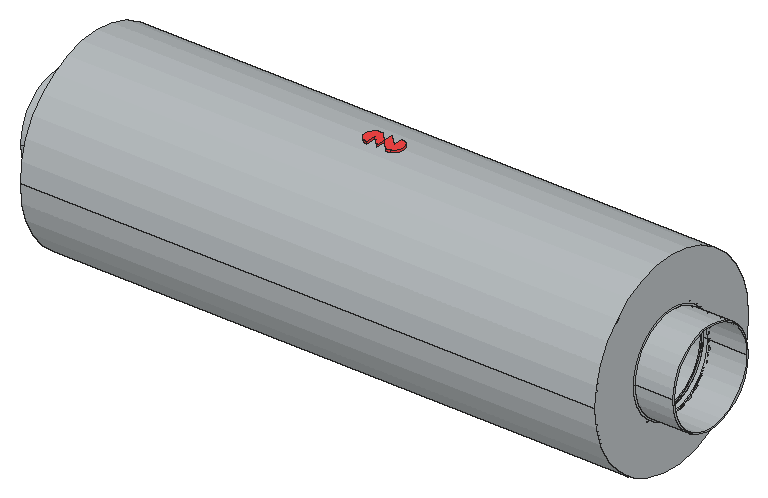
Revit family "NLRS_57_DUA_UN_round-attenuator-agr-v_LT_sacsr", category Duct Accessories, Revit 2022
Family settings
  Round Connector Dimension = Use Diameter
  Part Type = Breaks Into
  Work Plane-Based = No
  Always vertical = Yes
  Cut with Voids When Loaded = No
  Shared = No
Parameters (values of type "AGRYVO")
  VELU_Offset1 [instance] = size_lookup(SACS_Data_Hidden, "Insteek", 35 mm, SACS_Base_Index * 1 mm, SACS_Diameter3, SACS_Length_STD)  # 40 mm
  VELU_Model_Diameter2 [instance] = (VELU_Model_Diameter - 2 mm) * SACS_Dummy  # 96 mm
  VELU_Model_Diameter [instance] = (SACS_Diameter3 - 2 mm) * SACS_Dummy  # 98 mm
  VELU_Connector_Ril [instance] = size_lookup(SACS_Data_Hidden, "Ril", 8 mm, SACS_Base_Index * 1 mm, SACS_Diameter3)  # 8 mm
  URL = "https://solid-air.nl/producten/solid-air-geluiddemper-agry-agrz/"
  SACS_Warning_Text_Size [instance] = if(SACS_Warning_Size, "Unsupported diameter and/or non-standard length. Values updated!", " ")  # " "
  SACS_Warning_Text_Other [instance] = if(SACS_Warning_Other, "Non-standard length used!", " ")  # " "
  SACS_Warning_Size [instance] = not(and(or(and(SACS_Option_5_Value = 1, SACS_Length_STD = 600 mm), and(SACS_Option_5_Value = 2, SACS_Length_STD = 900 mm), and(SACS_Option_5_Value = 3, SACS_Length_STD = 1200 mm)), SACS_Diameter3 = Diameter))  # no
  SACS_Warning_Sign [instance] = and(SACS_Warning_Size, not(SACS_Disable_Warning))  # no
  SACS_Warning_Other [instance] = and(Allow_Non_Standard_Length, not(SACS_Length_STD = SACS_Length_X + SACS_Length_Y + SACS_Length_Z))  # no
  SACS_Type_Mark [instance] = ""
  SACS_Show_Part_2 [instance] = SACS_Base_Index = 3  # no
  SACS_Price_Date [instance] = size_lookup(SACS_Data_Hidden, "Date", "NB", SACS_Base_Index * 1 mm, SACS_Diameter3, SACS_Length_STD)  # "01-04-2025"
  SACS_Option_5_Value [instance] = if([Attenuator Length (1-3)] < 2, 1, if([Attenuator Length (1-3)] > 2, 3, 2))  # 1
  SACS_Option_5 [instance] = if(SACS_Length_STD = 600 mm, "Length = 600", if(SACS_Length_STD = 900 mm, "Length = 900", "Length = 1200"))  # "Length = 600"
  SACS_Option_4 [instance] = if(SACS_Base_Index = 3, "K = With core", "O = No core")  # "O = No core"
  SACS_Option_3 [instance] = "V = Rigid outer jacket"  # constant formula
  SACS_Option_2 [instance] = if(SACS_Base_Index = 1, "Y = Insulation 50mm", "Z = Insulatain 100mm")  # "Y = Insulation 50mm"
  SACS_Model [instance] = size_lookup(SACS_Data_Hidden, "", "NB", SACS_Base_Index * 1 mm, SACS_Diameter3, SACS_Length_STD)  # "AGRYVO 2.0 100 600"
  SACS_Length_Z [instance] = if(SACS_Base_Index = 3, if(SACS_Option_5_Value < 3, 900 mm, 1200 mm), 0 mm)  # 0 mm
  SACS_Length_Y [instance] = if(SACS_Base_Index = 2, if(and(or(Diameter = 100 mm, Diameter > 315 mm), SACS_Option_5_Value = 1), 900 mm, if(SACS_Option_5_Value = 1, 600 mm, if(SACS_Option_5_Value = 2, 900 mm, 1200 mm))), 0 mm)  # 0 mm
  SACS_Length_X [instance] = if(SACS_Base_Index = 1, if(and(Diameter > 80 mm, SACS_Option_5_Value = 2), 900 mm, if(and(Diameter > 160 mm, Diameter < 400 mm, SACS_Option_5_Value = 3), 1200 mm, if(and(Diameter < 400 mm, SACS_Option_5_Value = 1), 600 mm, if(Diameter = 80 mm, 600 mm, 900 mm)))), 0 mm)  # 600 mm
  SACS_Length_STD [instance] = if(Allow_Non_Standard_Length, if(SACS_Option_5_Value = 1, 600 mm, if(SACS_Option_5_Value = 2, 900 mm, 1200 mm)), SACS_Length_X + SACS_Length_Y + SACS_Length_Z)  # 600 mm
  SACS_Gross_Cost [instance] = size_lookup(SACS_Data_Hidden, "Product_Cost", 0, SACS_Base_Index * 1 mm, SACS_Diameter3, SACS_Length_STD)  # 96
  SACS_Disable_Warning [instance] = no
  SACS_Diameter3 [instance] = if(and(SACS_Base_Index = 2, SACS_Diameter2 = 80 mm), 100 mm, if(and(SACS_Base_Index = 3, SACS_Diameter2 < 315 mm), 315 mm, SACS_Diameter2))  # 100 mm
  SACS_Diameter2 [instance] = if(Diameter < 100 mm, 80 mm, if(Diameter < 125 mm, 100 mm, if(Diameter < 160 mm, 125 mm, if(Diameter < 200 mm, 160 mm, if(Diameter < 250 mm, 200 mm, if(Diameter < 315 mm, 250 mm, if(Diameter < 400 mm, 315 mm, if(Diameter < 500 mm, 400 mm, if(Diameter < 630 mm, 500 mm, 630 mm)))))))))  # 100 mm
  built-in parameter 1114242 [instance] = (empty or 0)
  Type Comments = ""
  SACS_Option_1 [instance] = "AGR"  # constant formula
  SACS_Logo_Z [instance] = External_Diameter_Double_Wall / 2  # 100 mm
  SACS_Dummy = 1  # constant formula
  SACS_Data_Hidden = "AGR"  # constant formula
  SACS_Base_Index = 1
  SA-Select [instance] = "https://solid-air.nl/producten/solid-air-geluiddemper-agry-agrz/"
  NLRS_C_gtin_code [instance] = size_lookup(SACS_Data_Hidden, "GTIN", "NB", SACS_Base_Index * 1 mm, SACS_Diameter3, SACS_Length_STD)  # "8720238142694"
  NLRS_C_artikel_code [instance] = size_lookup(SACS_Data_Hidden, "Artikelcode", "NB", SACS_Base_Index * 1 mm, SACS_Diameter3, SACS_Length_STD)  # "9350000171"
  Diameter [instance] = 100 mm
  NLRS_M_c01_diameter [instance] = SACS_Diameter3  # 100 mm
  NLRS_M_c01_debiet [instance] = 0.0 m³/h
  NLRS_C_lengte [instance] = SACS_Length_STD  # 600 mm
  NLRS_C_model [instance] = SACS_Model  # "AGRYVO 2.0 100 600"
  NLRS_C_description = Description  # "Round sound attenuator"
  NLRS_C_content_versie = "Versie 3.22.01"  # constant formula
  NLRS_C_content_provider = "Solid Air Climate Systems"  # constant formula
  NLRS_C_content_datum_uitgifte = "01-08-2025"  # constant formula
  NLRS_C_content_creator = "J. Feeke"  # constant formula
  Model = "Round attenuator"  # constant formula
  Manufacturer = "Solid Air Climate Solutions"  # constant formula
  Description = "Round sound attenuator"  # constant formula
  External_Diameter_Double_Wall [instance] = size_lookup(SACS_Data_Hidden, "Buitendiameter", if(SACS_Base_Index = 1, Diameter + 100 mm, Diameter + 200 mm), SACS_Base_Index * 1 mm, SACS_Diameter3, SACS_Length_STD)  # 200 mm
  Default Elevation = 2700 mm
  Attenuator Length (1-3) [instance] = 1
  Assembly Code = "57.70"
  Allow_Non_Standard_Length [instance] = no
Types (4, lengths in mm): name | VELU_Model_Diameter2 | VELU_Model_Diameter | SACS_Show_Part_2 | SACS_Option_5_Value | SACS_Option_5 | SACS_Option_4 | SACS_Option_2 | SACS_Model | SACS_Length_Z | SACS_Length_Y | SACS_Length_X | SACS_Length_STD | SACS_Gross_Cost | SACS_Diameter3 | SACS_Diameter2 | SACS_Logo_Z | SACS_Base_Index | NLRS_C_gtin_code | NLRS_C_artikel_code | Diameter | NLRS_M_c01_diameter | NLRS_C_lengte | NLRS_C_model | External_Diameter_Double_Wall | Attenuator Length (1-3)
  (no name) | 96 | 98 | no | 1 | "Length = 600" | "O = No core" | "Y = Insulation 50mm" | "AGRYVO 2.0 100 600" | 0 | 0 | 600 | 600 | 96 | 100 | 100 | 100 | 1 | "8720238142694" | "9350000171" | 100 | 100 | 600 | "AGRYVO 2.0 100 600" | 200 | 1
  AGRYVO | 96 | 98 | no | 1 | "Length = 600" | "O = No core" | "Y = Insulation 50mm" | "AGRYVO 2.0 100 600" | 0 | 0 | 600 | 600 | 96 | 100 | 100 | 100 | 1 | "8720238142694" | "9350000171" | 100 | 100 | 600 | "AGRYVO 2.0 100 600" | 200 | 1
  AGRZVO | 96 | 98 | no | 2 | "Length = 900" | "O = No core" | "Z = Insulatain 100mm" | "AGRZVO 100 900" | 0 | 900 | 0 | 900 | 171 | 100 | 100 | 150 | 2 | "8720238092098" | "9350000141" | 100 | 100 | 900 | "AGRZVO 100 900" | 300 | 2
  AGRZVK | 311 | 313 | yes | 2 | "Length = 900" | "K = With core" | "Z = Insulatain 100mm" | "AGRZVK 315 900" | 900 | 0 | 0 | 900 | 467 | 315 | 315 | 250 | 3 | "8720238091275" | "9350000059" | 315 | 315 | 900 | "AGRZVK 315 900" | 500 | 2
Reference planes
  plane 1 "Center (Front/Back)": y = 0
  plane 2: z = 0
  plane 3 "Center (Left/Right)": x = 0
  plane 4 "L_In": x = -600
  plane 5: x = -592
  plane 6: x = -8
Forms (mm)
  Extrusion 1, solid, not visible
    sketch origin (0, 0, 0) x (0, 1, 0) y (0, 0, 1)
      loop
        circle (0, 0) r 5
    from -600 to 0
  Extrusion 2, solid, material "NLRS_57_sendzimir verzinkt_gen_sacs", detail levels fine
    sketch origin (-600, 0, 0) x (0, 1, 0) y (0, 0, 1)
      loop
        circle (0, 0) r 49
      loop
        circle (0, 0) r 100
    from 0 to 600
  Extrusion 3, solid, material "NLRS_57_sendzimir verzinkt_gen_sacs", detail levels fine
    sketch origin (-600, 0, 0) x (0, 1, 0) y (0, 0, 1)
      loop
        circle (0, 0) r 49
      loop
        circle (0, 0) r 48
    from 8 to 592
  Sweep 4, solid, material "NLRS_57_sendzimir verzinkt_gen_sacs", detail levels fine
    path in 3D
      loop
        arc (-8, 49, 0) -> (-8, 0, -49) -> (-8, -49, 0) r 49
        arc (-8, -49, 0) -> (-8, 0, 49) -> (-8, 49, 0) r 49
    profile "Insertion_Profile : Insertion_Profile" origin (-8, 0, 49) x (0, 0, 1) y (1, 0, 0)
      loop
        line (-1, 48.5) -> (-1, 7.5) -> (0, 7.5)
        arc (0, 7.5) -> (3, 4.5) -> (0, 1.5) r 3
        line (0, 1.5) -> (-1, 1.5) -> (-1, 0.5) -> (0, 0.5)
        arc (0, 0.5) -> (4, 4.5) -> (0, 8.5) r 4
        line (0, 8.5) -> (0, 48.5) -> (-1, 48.5)
  Sweep 5, solid, material "NLRS_57_sendzimir verzinkt_gen_sacs", detail levels fine
    path in 3D
      loop
        arc (-592, -49, 0) -> (-592, 0, -49) -> (-592, 49, 0) r 49
        arc (-592, 49, 0) -> (-592, 0, 49) -> (-592, -49, 0) r 49
    profile "Insertion_Profile : Insertion_Profile" origin (-592, 0, 49) x (0, 0, 1) y (-1, 0, 0)
      loop
        line (-1, 48.5) -> (-1, 7.5) -> (0, 7.5)
        arc (0, 7.5) -> (3, 4.5) -> (0, 1.5) r 3
        line (0, 1.5) -> (-1, 1.5) -> (-1, 0.5) -> (0, 0.5)
        arc (0, 0.5) -> (4, 4.5) -> (0, 8.5) r 4
        line (0, 8.5) -> (0, 48.5) -> (-1, 48.5)
Lines and regions (mm)
  model lines, detail levels medium
    curve 1: line (-640, 50, 0) -> (-600, 50, 0)
    curve 2: line (-640, -50, 0) -> (-640, 50, 0)
    curve 3: line (40, -50, 0) -> (0, -50, 0)
    curve 4: line (40, 50, 0) -> (40, -50, 0)
    curve 5: line (0, 50, 0) -> (40, 50, 0)
    curve 6: line (-600, -50, 0) -> (-640, -50, 0)
  sketch lines
    curve 7: arc (-8, -49, 0) -> (-8, 0, 49) -> (-8, 49, 0) r 49
    curve 8: arc (-8, 49, 0) -> (-8, 0, -49) -> (-8, -49, 0) r 49
    curve 9: arc (-592, 49, 0) -> (-592, 0, 49) -> (-592, -49, 0) r 49
    curve 10: arc (-592, -49, 0) -> (-592, 0, -49) -> (-592, 49, 0) r 49
Dimensions and locks
  equal spacing: curve 6, plane 1 "Center (Front/Back)", curve 1
  "SACS_Diameter3": curve 6 to curve 1
  "SACS_Length_STD": plane 4 "L_In" to plane 3 "Center (Left/Right)"
  "VELU_Connector_Ril": plane 4 "L_In" to plane 5
  "VELU_Connector_Ril": plane 6 to plane 3 "Center (Left/Right)"
  "VELU_Offset1": curve 2 to plane 4 "L_In"
  "VELU_Offset1": plane 3 "Center (Left/Right)" to curve 4
  equal spacing: plane 5, nested 1, plane 6
  equal spacing: plane 5, nested 3, plane 6
  equal spacing: curve 3, plane 1 "Center (Front/Back)", curve 5
  "SACS_Diameter3": curve 3 to curve 5
  diameter of Extrusion 1 sketch curve = 10 mm
  "VELU_Model_Diameter": diameter of Extrusion 2 sketch curve
  "External_Diameter_Double_Wall": diameter of Extrusion 2 sketch curve
  "VELU_Model_Diameter2": diameter of Extrusion 3 sketch curve
  "VELU_Model_Diameter": diameter of Extrusion 3 sketch curve
  aligned and locked: level to plane 2
  aligned and locked: Extrusion 1 to plane 4 "L_In"
  aligned and locked: plane 3 "Center (Left/Right)" to Extrusion 1
  aligned and locked: plane 3 "Center (Left/Right)" to curve 5
  aligned and locked: Extrusion 3 to plane 5
  aligned and locked: plane 6 to Extrusion 3
  aligned and locked: Extrusion 2 to plane 4 "L_In"
  aligned and locked: plane 3 "Center (Left/Right)" to Extrusion 2
  aligned and locked: plane 1 "Center (Front/Back)" to nested 3
  aligned and locked: nested 4 to plane 2
  aligned and locked: plane 3 "Center (Left/Right)" to nested 4
Automatic sketch dimensions
  Extrusion 1 sketch curve to level = 0 mm
  Extrusion 1 sketch curve to plane 1 "Center (Front/Back)" = 0 mm
  curve 1 to plane 4 "L_In" = 0 mm
  curve 6 to plane 4 "L_In" = 0 mm
  curve 3 to plane 3 "Center (Left/Right)" = 0 mm
  Extrusion 2 sketch curve to Extrusion 2 sketch curve = 0 mm  (x2)
  Extrusion 2 sketch curve to level = 0 mm
  Extrusion 2 sketch curve to plane 1 "Center (Front/Back)" = 0 mm
  Extrusion 3 sketch curve to Extrusion 3 sketch curve = 0 mm  (x2)
  Extrusion 3 sketch curve to level = 0 mm
  Extrusion 3 sketch curve to plane 1 "Center (Front/Back)" = 0 mm
Nested families
  nested 1: "logo_SACS" at (-300, 0, 100), built-in parameter 1001364 <- "SACS_Logo_Z", built-in parameter 1001360 <- "SACS_Logo_Z", type "logo_SACS", detail levels medium+fine
    with Scale 10 mm
  nested 2: "Symbol" at (0, 0, 0), type "Symbol", detail levels coarse+medium
    with Uitwendig 200 mm, Lengte 600 mm, Inwendig 100 mm
  nested 3: "Warning_R22" at (-300, 0, 0), visible <- "SACS_Warning_Sign", type "Warning_R22"
  nested 4: "Symbol" at (0, 0, 0) x (1, 0, 0) z (0, -1, 0), type "Symbol"
    with Uitwendig 200 mm, Lengte 600 mm, Inwendig 100 mm
Connectors
  hvac at (0, 0, 0), driven by "NLRS_M_c01_diameter", driven by "NLRS_M_c01_debiet"
    settings: on Extrusion 1, index 1, duct flow 0.0 m³/h, flow factor 0, pres drop 0.0 Pa, loss coef 0, conn angle 0.00°, conn width 304.8 mm, conn height 304.8 mm, conn diameter 100 mm, duct sys type 29, conn prof type 0, flow config 0, flow direction 0, loss method 0, conn ref index 2, conn util no, is conn primary no, conn desc ""
  hvac at (-600, 0, 0), driven by "NLRS_M_c01_diameter", driven by "NLRS_M_c01_debiet"
    settings: on Extrusion 1, index 2, duct flow 0.0 m³/h, flow factor 0, pres drop 0.0 Pa, loss coef 0, conn angle 0.00°, conn width 304.8 mm, conn height 304.8 mm, conn diameter 100 mm, duct sys type 29, conn prof type 0, flow config 0, flow direction 0, loss method 0, conn ref index 1, conn util no, is conn primary yes, conn desc ""
Definition of nested family "logo_SACS"
  Parameters (values of type "logo_SACS")
    Scale = 5 mm
    Model = "LOD 400"
    Height = 1.5 mm
    Description = "Model type"
    Default Elevation = 1219.2 mm
  Reference planes
    plane 1 "Center (Front/Back)": y = 0
    plane 2: z = 0
    plane 3 "Center (Left/Right)": x = 0
    plane 4: z = 1.5
    plane 5: x = -10
    plane 6: y = -5
    plane 7: y = 5
    plane 8: x = -5
    plane 9: x = 5
    plane 10: x = 10
  Forms (mm)
    Extrusion 1, solid
      sketch origin (-547.644, -297.937, 0) x (1, 0, 0) y (0, 1, 0)
        loop
          arc (542.644, 302.937) -> (537.644, 297.937) -> (542.644, 292.937) r 5
          line (542.644, 292.937) -> (542.644, 297.937) -> (547.644, 292.937) -> (547.644, 297.937) -> (542.644, 302.937)
      from 0 to 1.5
    Extrusion 2, solid
      sketch origin (0, 0, 0) x (1, 0, 0) y (0, 1, 0)
        loop
          arc (5, -5) -> (10, 0) -> (5, 5) r 5
          line (5, 5) -> (5, 0) -> (0, 5) -> (0, 0) -> (5, -5)
      from 0 to 1.5
  Dimensions and locks
    "Scale": plane 7 to plane 1 "Center (Front/Back)"
    "Scale": plane 6 to plane 1 "Center (Front/Back)"
    "Scale": plane 5 to plane 8
    "Scale": plane 8 to plane 3 "Center (Left/Right)"
    "Scale": plane 3 "Center (Left/Right)" to plane 9
    "Scale": plane 9 to plane 10
    "Height": plane 4 to level
    aligned and locked: level to plane 2
    aligned and locked: plane 4 to Extrusion 1
    aligned and locked: plane 4 to Extrusion 2
  Automatic sketch dimensions
    plane 1 "Center (Front/Back)" to Extrusion 1 sketch curve = 0 mm  (x3)
    Extrusion 1 sketch curve to plane 8 = 0 mm
    Extrusion 1 sketch curve to plane 7 = 0 mm
    Extrusion 1 sketch curve to plane 3 "Center (Left/Right)" = 0 mm
    Extrusion 1 sketch curve to plane 6 = 0 mm
    Extrusion 2 sketch curve to plane 3 "Center (Left/Right)" = 0 mm
    plane 1 "Center (Front/Back)" to Extrusion 2 sketch curve = 0 mm  (x3)
    Extrusion 2 sketch curve to plane 6 = 0 mm
    Extrusion 2 sketch curve to plane 9 = 0 mm
    Extrusion 2 sketch curve to plane 7 = 0 mm
Definition of nested family "Symbol"
  Parameters (values of type "Symbol")
    Uitwendig = 620.623 mm
    Steek = 40 mm
    Lengte = 906.363 mm
    Inwendig = 226.254 mm
  Reference planes
    plane 1 "Center (Front/Back)": y = 0
    plane 2: z = 0
    plane 3 "Center (Left/Right)": x = 0
    plane 4: x = -906.363
    plane 5: x = -946.363
    plane 6: x = 40
  Lines and regions (mm)
    Filled region 1, type "SACS_Attenuator_Insulation", in view "Ref. Level", detail levels coarse+medium
      outline origin (0, 0, 0) x (1, 0, 0) y (0, 1, 0)
        loop
          line (-906.363, 310.311) -> (-906.363, 113.127) -> (0, 113.127) -> (0, 310.311) -> (-906.363, 310.311)
        loop
          line (-906.363, -113.127) -> (-906.363, -310.311) -> (0, -310.311) -> (0, -113.127) -> (-906.363, -113.127)
    detail lines, in view "Ref. Level", detail levels coarse+medium
      curve 1: line (-906.363, 0, 0) -> (0, 0, 0)
    detail lines, in view "Ref. Level", detail levels medium
      curve 2: line (-946.363, 113.127, 0) -> (-906.363, 113.127, 0)
      curve 3: line (-946.363, -113.127, 0) -> (-946.363, 113.127, 0)
      curve 4: line (-906.363, -113.127, 0) -> (-946.363, -113.127, 0)
      curve 5: line (-906.363, 113.127, 0) -> (-906.363, -113.127, 0)
      curve 6: line (40, 113.127, 0) -> (0, 113.127, 0)
      curve 7: line (40, -113.127, 0) -> (40, 113.127, 0)
      curve 8: line (0, -113.127, 0) -> (40, -113.127, 0)
      curve 9: line (0, 113.127, 0) -> (0, -113.127, 0)
  Dimensions and locks
    equal spacing: Filled region 1 sketch curve, plane 1 "Center (Front/Back)", Filled region 1 sketch curve  (x2)
    "Inwendig": Filled region 1 sketch curve to Filled region 1 sketch curve
    "Uitwendig": Filled region 1 sketch curve to Filled region 1 sketch curve
    "Lengte": plane 4 to plane 3 "Center (Left/Right)"
    "Steek": plane 5 to plane 4
    "Steek": plane 3 "Center (Left/Right)" to plane 6
    equal spacing: curve 4, plane 1 "Center (Front/Back)", curve 2
    equal spacing: curve 6, plane 1 "Center (Front/Back)", curve 8
    "Inwendig": curve 4 to curve 2
    "Inwendig": curve 6 to curve 8
    aligned and locked: curve 5 to plane 4
    aligned and locked: plane 5 to curve 3
    aligned and locked: curve 9 to plane 3 "Center (Left/Right)"
    aligned and locked: plane 6 to curve 7
  Automatic sketch dimensions
    plane 1 "Center (Front/Back)" to curve 1 = 0 mm
    Filled region 1 sketch curve to plane 4 = 0 mm  (x2)
    Filled region 1 sketch curve to plane 3 "Center (Left/Right)" = 0 mm  (x2)
Definition of nested family "Warning_R22"
  Parameters (values of type "Warning_R22")
    TW = 51.6 mm * Scale  # 51.6 mm
    TH = 75 mm * Scale  # 75 mm
    Scale = 1
    CO = 50 mm * Scale  # 50 mm
    CD = 50 mm * Scale  # 50 mm
    BW = 40 mm * Scale  # 40 mm
    BH = 12 mm * Scale  # 12 mm
  Reference planes
    plane 1 "Center (Front/Back)": y = 0
    plane 2: z = 0
    plane 3 "Center (Left/Right)": x = 0
  Lines and regions (mm)
    Filled region 1, type "Solid Fill - Black", in view "Ref. Level"
      outline origin (0, 0, 0) x (1, 0, 0) y (0, 1, 0)
        loop
          line (-25.8, 75) -> (-20, -12) -> (20, -12) -> (25.8, 75) -> (-25.8, 75)
        loop
          circle (0, -50) r 25
  Dimensions and locks
    equal spacing: Filled region 1 sketch curve, plane 3 "Center (Left/Right)", Filled region 1 sketch curve  (x2)
    "TH": plane 1 "Center (Front/Back)" to Filled region 1 sketch curve
    "BH": Filled region 1 sketch curve to plane 1 "Center (Front/Back)"
    "CO": Filled region 1 sketch curve to plane 1 "Center (Front/Back)"
    "TW": Filled region 1 sketch curve to Filled region 1 sketch curve
    "BW": Filled region 1 sketch curve to Filled region 1 sketch curve
    "CD": diameter of Filled region 1 sketch curve
    aligned and locked: plane 3 "Center (Left/Right)" to Filled region 1 sketch curve
